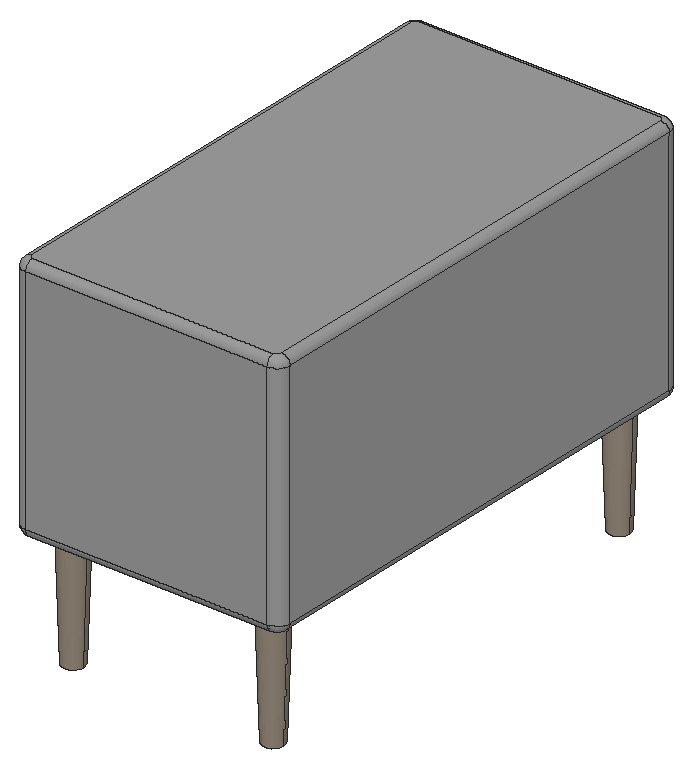
Revit family "Rise_RS-SPN-ARM-1630-UPH_16inchSpannerArmUphTop", category Furniture, Revit 2021
Family settings
  OmniClass Number = 23.40.20.00
  OmniClass Title = General Furniture and Specialties
  Work Plane-Based = No
  Always vertical = Yes
  Cut with Voids When Loaded = No
  Shared = No
  Room Calculation Point = No
Parameters
  width = 16"
  seat material = Fabric 13i
  seat height = 22"
  depth = 30"
  Default Elevation = 0"
  Base material = wooden base 13
Reference planes (in)
  plane 1 "Center Front/Back": y = 0
  plane 2: z = 0
  plane 3 "Center Left/Right": x = 0
  plane 4: y = 15
  plane 5: y = -15
  plane 6: x = -8
  plane 7: x = 8
  plane 8: z = 22
  plane 9: z = 7.125
  plane 10: z = 22.75
Forms (in)
  Extrusion 1, solid, material "Fabric 13i" <- "seat material"
    sketch origin (0, 0, 0) x (1, 0, 0) y (0, 1, 0)
      loop
        arc (-7.25, 15) -> (-7.78033, 14.78033) -> (-8, 14.25) r 0.75
        line (-8, 14.25) -> (-8, -14.25)
        arc (-8, -14.25) -> (-7.78033, -14.78033) -> (-7.25, -15) r 0.75
        line (-7.25, -15) -> (7.25, -15)
        arc (7.25, -15) -> (7.78033, -14.78033) -> (8, -14.25) r 0.75
        line (8, -14.25) -> (8, 14.25)
        arc (8, 14.25) -> (7.78033, 14.78033) -> (7.25, 15) r 0.75
        line (7.25, 15) -> (-7.25, 15)
    from 7.125 to 22
  Sweep 2, void
    path in 3D
      loop
        arc (-7.25, 15, 22) -> (-7.78033, 14.78033, 22) -> (-8, 14.25, 22) r 0.75
        line (-8, 14.25, 22) -> (-8, -14.25, 22)
        arc (-8, -14.25, 22) -> (-7.78033, -14.78033, 22) -> (-7.25, -15, 22) r 0.75
        line (-7.25, -15, 22) -> (7.25, -15, 22)
        arc (7.25, -15, 22) -> (7.78033, -14.78033, 22) -> (8, -14.25, 22) r 0.75
        line (8, -14.25, 22) -> (8, 14.25, 22)
        arc (8, 14.25, 22) -> (7.78033, 14.78033, 22) -> (7.25, 15, 22) r 0.75
        line (7.25, 15, 22) -> (-7.25, 15, 22)
    profile origin (0, 15, 22) x (0, -1, 0) y (0, 0, 1)
      loop
        line (0, 0) -> (0, -0.5)
        arc (0, -0.5) -> (0.14645, -0.14645) -> (0.5, 0) r 0.5
        line (0.5, 0) -> (0, 0)
  Sweep 3, void
    path in 3D
      loop
        arc (-7.25, 15, 7.125) -> (-7.78033, 14.78033, 7.125) -> (-8, 14.25, 7.125) r 0.75
        line (-8, 14.25, 7.125) -> (-8, -14.25, 7.125)
        arc (-8, -14.25, 7.125) -> (-7.78033, -14.78033, 7.125) -> (-7.25, -15, 7.125) r 0.75
        line (-7.25, -15, 7.125) -> (7.25, -15, 7.125)
        arc (7.25, -15, 7.125) -> (7.78033, -14.78033, 7.125) -> (8, -14.25, 7.125) r 0.75
        line (8, -14.25, 7.125) -> (8, 14.25, 7.125)
        arc (8, 14.25, 7.125) -> (7.78033, 14.78033, 7.125) -> (7.25, 15, 7.125) r 0.75
        line (7.25, 15, 7.125) -> (-7.25, 15, 7.125)
    profile origin (0, 15, 7.125) x (0, 1, 0) y (0, 0, -1)
      loop
        line (0, 0) -> (-0.5, 0)
        arc (-0.5, 0) -> (-0.14645, -0.14645) -> (0, -0.5) r 0.5
        line (0, -0.5) -> (0, 0)
  Blend 4, solid, material "wooden base 13" <- "Base material"
    base sketch origin (57.95812, 13.80283, 0) x (-1, 0, 0) y (0, -1, 0)
      loop
        circle (63.95812, 26.80283) r 0.875
    top sketch origin (57.95812, 13.80283, 0) x (-1, 0, 0) y (0, -1, 0)
      loop
        circle (63.95812, 26.80283) r 0.62593
    from 7.12323 to 0
  Extrusion 5, void
    sketch origin (17.90316, 11.38632, 0) x (-1, 0, 0) y (0, -1, 0)
      loop
        circle (23.90316, 24.38632) r 0.3906
    from 0 to 7.12323
  Blend 6, solid, material "wooden base 13" <- "Base material", not visible
    base sketch origin (-54.96047, -7.95933, 0) x (1, 0, 0) y (0, 1, 0)
      loop
        circle (63.95812, 0.80283) r 0.875
    top sketch origin (-54.96047, -7.95933, 0) x (1, 0, 0) y (0, 1, 0)
      loop
        circle (63.95812, 0.80283) r 0.62593
    from 7.12323 to 0
  Extrusion 7, void, not visible
    sketch origin (-14.90551, -5.54282, 0) x (1, 0, 0) y (0, 1, 0)
      loop
        circle (23.90316, -1.61368) r 0.3906
    from 0 to 7.12323
  Blend 8, solid, material "wooden base 13" <- "Base material"
    base sketch origin (-57.95812, -13.80283, 0) x (1, 0, 0) y (0, 1, 0)
      loop
        circle (63.95812, 0.80283) r 0.875
    top sketch origin (-57.95812, -13.80283, 0) x (1, 0, 0) y (0, 1, 0)
      loop
        circle (63.95812, 0.80283) r 0.62593
    from 7.12323 to 0
  Extrusion 9, void
    sketch origin (-17.90316, -11.38632, 0) x (1, 0, 0) y (0, 1, 0)
      loop
        circle (23.90316, -1.61368) r 0.3906
    from 0 to 7.12323
  Blend 10, solid, material "wooden base 13" <- "Base material"
    base sketch origin (57.95812, 13.80283, 0) x (-1, 0, 0) y (0, -1, 0)
      loop
        circle (63.95812, 0.80283) r 0.875
    top sketch origin (57.95812, 13.80283, 0) x (-1, 0, 0) y (0, -1, 0)
      loop
        circle (63.95812, 0.80283) r 0.62593
    from 7.12323 to 0
  Extrusion 11, void
    sketch origin (17.90316, 11.38632, 0) x (-1, 0, 0) y (0, -1, 0)
      loop
        circle (23.90316, -1.61368) r 0.3906
    from 0 to 7.12323
  Blend 12, solid, material "wooden base 13" <- "Base material"
    base sketch origin (-57.95812, -13.80283, 0) x (1, 0, 0) y (0, 1, 0)
      loop
        circle (63.95812, 26.80283) r 0.875
    top sketch origin (-57.95812, -13.80283, 0) x (1, 0, 0) y (0, 1, 0)
      loop
        circle (63.95812, 26.80283) r 0.62593
    from 7.12323 to 0
  Extrusion 13, void
    sketch origin (-17.90316, -11.38632, 0) x (1, 0, 0) y (0, 1, 0)
      loop
        circle (23.90316, 24.38632) r 0.3906
    from 0 to 7.12323
Cuts and joins
  Sweep 2, Sweep 3 cuts Extrusion 1
  Extrusion 5, Extrusion 9, Extrusion 11 cuts Blend 4
  Extrusion 9, Extrusion 13 cuts Blend 8
  Extrusion 11 cuts Blend 10
  Extrusion 13 cuts Blend 12
Lines and regions (in)
  sketch lines
    curve 1: line (7.25, 15, 22) -> (-7.25, 15, 22)
    curve 2: arc (7.25, 15, 22) -> (7.78033, 14.78033, 22) -> (8, 14.25, 22) r 0.75
    curve 3: line (8, -14.25, 22) -> (8, 14.25, 22)
    curve 4: arc (8, -14.25, 22) -> (7.78033, -14.78033, 22) -> (7.25, -15, 22) r 0.75
    curve 5: line (-7.25, -15, 22) -> (7.25, -15, 22)
    curve 6: arc (-7.25, -15, 22) -> (-7.78033, -14.78033, 22) -> (-8, -14.25, 22) r 0.75
    curve 7: line (-8, 14.25, 22) -> (-8, -14.25, 22)
    curve 8: arc (-8, 14.25, 22) -> (-7.78033, 14.78033, 22) -> (-7.25, 15, 22) r 0.75
    curve 9: line (7.25, 15, 7.125) -> (-7.25, 15, 7.125)
    curve 10: arc (7.25, 15, 7.125) -> (7.78033, 14.78033, 7.125) -> (8, 14.25, 7.125) r 0.75
    curve 11: line (8, -14.25, 7.125) -> (8, 14.25, 7.125)
    curve 12: arc (8, -14.25, 7.125) -> (7.78033, -14.78033, 7.125) -> (7.25, -15, 7.125) r 0.75
    curve 13: line (-7.25, -15, 7.125) -> (7.25, -15, 7.125)
    curve 14: arc (-7.25, -15, 7.125) -> (-7.78033, -14.78033, 7.125) -> (-8, -14.25, 7.125) r 0.75
    curve 15: line (-8, 14.25, 7.125) -> (-8, -14.25, 7.125)
    curve 16: arc (-8, 14.25, 7.125) -> (-7.78033, 14.78033, 7.125) -> (-7.25, 15, 7.125) r 0.75
Dimensions and locks (in)
  equal spacing: plane 6, plane 3 "Center Left/Right", plane 7
  equal spacing: plane 4, plane 1 "Center Front/Back", plane 5
  "depth": plane 4 to plane 5
  "width": plane 6 to plane 7
  "seat height": plane 8 to level
  plane 9 to level = 7 1/8"
  locked: plane 10 to plane 8 at 0.75
  diameter of Blend 4 sketch curve = 1.25187"
  diameter of Extrusion 5 sketch curve = 0.7812"
  diameter of Blend 6 sketch curve = 1.25187"
  diameter of Extrusion 7 sketch curve = 0.7812"
  diameter of Blend 8 sketch curve = 1.25187"
  diameter of Extrusion 9 sketch curve = 0.7812"
  diameter of Blend 10 sketch curve = 1.25187"
  diameter of Extrusion 11 sketch curve = 0.7812"
  diameter of Blend 12 sketch curve = 1.25187"
  diameter of Extrusion 13 sketch curve = 0.7812"
  aligned and locked: level to plane 2
  aligned and locked: Extrusion 1 sketch curve to plane 4
  aligned and locked: plane 6 to Extrusion 1 sketch curve
  aligned and locked: plane 5 to Extrusion 1 sketch curve
  aligned and locked: plane 8 to Extrusion 1
  aligned and locked: Extrusion 1 to plane 9
Automatic sketch dimensions
  Extrusion 1 sketch curve to plane 7 = 0"
  plane 6 to Extrusion 1 sketch curve = 3/4"
  plane 5 to Extrusion 1 sketch curve = 3/4"
  Extrusion 1 sketch curve to plane 4 = 3/4"
  Extrusion 1 sketch curve to plane 7 = 3/4"
  profile plane to Sweep 3 sketch curve = 0"
  Sweep 3 sketch curve to profile plane = 0"
  profile plane to Sweep 3 sketch curve = 1/2"
  Sweep 2 sketch curve to profile plane = 0"  (x2)
  Sweep 2 sketch curve to Sweep 2 sketch curve = 1/2"
  radius of Blend 4 sketch curve = 7/8"
  radius of Blend 6 sketch curve = 7/8"
  radius of Blend 8 sketch curve = 7/8"
  radius of Blend 10 sketch curve = 7/8"
  radius of Blend 12 sketch curve = 7/8"
